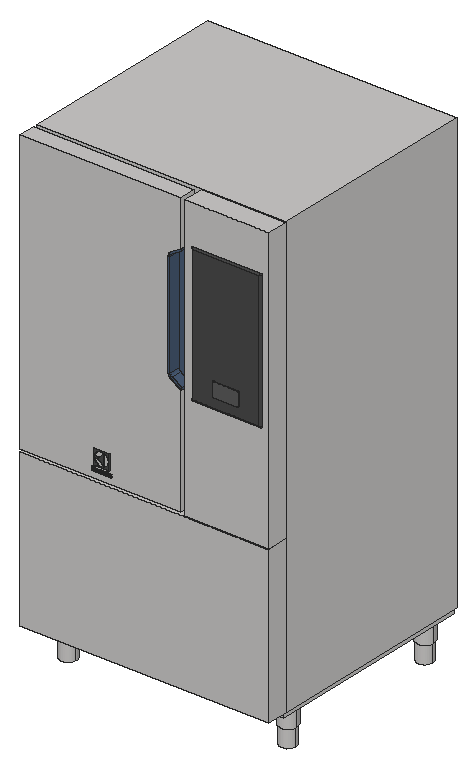
Revit family "QF_ELECTROLUXPROFESSIONAL_727738_EBFA11Q", category Specialty Equipment, Revit 2018 (continued)
Definition of nested family "ELX_Logo_Symbol"
  Forms (mm)
    Extrusion 1, solid
      sketch origin (0, 0, 0) x (1, 0, 0) y (0, 1, 0)
        loop
          line (-1219.2, 1219.2) -> (-1219.2, -1219.2) -> (1219.2, -1219.2) -> (1219.2, 1219.2) -> (-1219.2, 1219.2)
      from 0 to -304.8
    Extrusion 2, solid, material <- "M"
      sketch origin (94.462, 558.781, 0) x (1, 0, 0) y (0, 1, 0)
        loop
          line (-101.645, -583.129) -> (-101.645, -534.543)
          arc (-101.645, -534.543) -> (-119.606, -558.836) -> (-101.645, -583.129) r 25.41
        loop
          arc (-99.174, -583.129) -> (-78.968, -578.537) -> (-69.233, -560.244) r 24.902
          line (-69.233, -560.244) -> (-77.271, -560.244)
          arc (-77.271, -560.244) -> (-91.631, -566.073) -> (-99.174, -579.611) r 23.341
          line (-99.174, -579.611) -> (-99.174, -583.129)
        loop
          arc (-99.174, -538.061) -> (-91.631, -551.599) -> (-77.271, -557.427) r 23.341
          line (-77.271, -557.427) -> (-69.233, -557.427)
          arc (-69.233, -557.427) -> (-78.952, -538.984) -> (-99.174, -533.918) r 25.553
          line (-99.174, -533.918) -> (-99.174, -538.061)
        loop
          line (-67.388, -585.781) -> (-67.388, -531.781) -> (-121.462, -531.781) -> (-121.462, -585.781) -> (-67.388, -585.781)
      from 0 to 1.644
  Dimensions and locks
    aligned and locked: plane 2 to Extrusion 1
    aligned and locked: level to Extrusion 1
